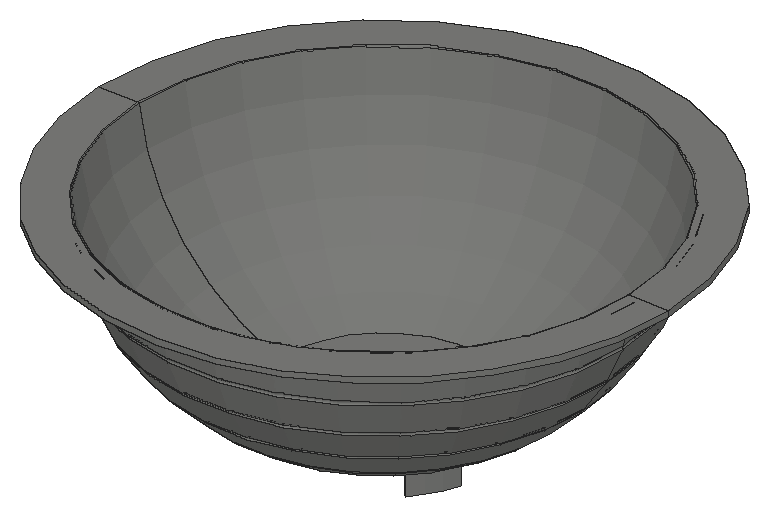
Revit family "Jardinera Esferica", category Furniture, Revit 2020
Family settings
  OmniClass Number = 23.40.20.00
  OmniClass Title = General Furniture and Specialties
  Work Plane-Based = No
  Always vertical = Yes
  Cut with Voids When Loaded = No
  Shared = No
  Room Calculation Point = No
Parameters (values of type "Jardinera Esferica-UM1100M-1300mm")
  URL_Producto = ""
  Referencia = ""
  Material = none
  Jardinera Esferica-UM1100PM-930mm = no
  Jardinera Esferica-UM1100M-1300mm = yes
  H = 0.470 m
  Ficha_Tecnica = ""
  Fabricante = ""
  Default Elevation = 0.000 m
  A = 1.300 m
Types (2, lengths in m): name | Jardinera Esferica-UM1100PM-930mm | Jardinera Esferica-UM1100M-1300mm | H | A
  Jardinera Esferica-UM1100PM-930mm | yes | no | 0.405 | 0.930
  Jardinera Esferica-UM1100M-1300mm | no | yes | 0.470 | 1.300
Reference planes (m)
  plane 1 "Center (Front/Back)": y = 0
  plane 2: z = 0
  plane 3 "Center (Left/Right)": x = 0
Dimensions and locks (m)
  aligned and locked: level to plane 2
Nested families (m)
  nested 1: "Jardinera Esferica-UM1100PM-930mm" at (0, 0, 0), visible <- "Jardinera Esferica-UM1100PM-930mm", type "Jardinera Esferica-UM1100PM-930mm"
  nested 2: "Jardinera Esferica-UM1100M-1300mm" at (0, 0, 0), visible <- "Jardinera Esferica-UM1100M-1300mm", type "Jardinera Esferica-UM1100M-1300mm"
Definition of nested family "Jardinera Esferica-UM1100PM-930mm"
  Parameters (values of type "Jardinera Esferica-UM1100PM-930mm")
    Default Elevation = 0.000 m
  Reference planes (m)
    plane 1 "Center (Front/Back)": y = 0
    plane 2: z = 0
    plane 3 "Center (Left/Right)": x = 0
    plane 4: z = 0.405
    plane 5: z = 0.32625
    plane 6: z = 0.2475
    plane 7: z = 0.16875
    plane 8: z = 0.09
    plane 9: x = -0.465
    plane 10: x = 0.465
  Forms (m)
    Revolve 1, solid
      sketch origin (0, 0, 0) x (1, 0, 0) y (0, 0, 1)
        loop
          line (-0.399716, 0.405) -> (-0.465, 0.405) -> (-0.465, 0.3925) -> (-0.41, 0.3925)
          arc (-0.41, 0.3925) -> (-0.409028, 0.362864) -> (-0.405773, 0.333392) r 0.384199
          arc (-0.405773, 0.333392) -> (-0.401108, 0.326693) -> (-0.403306, 0.318831) r 0.009574
          arc (-0.403306, 0.318831) -> (-0.394629, 0.282661) -> (-0.382495, 0.2475) r 0.384199
          arc (-0.382495, 0.2475) -> (-0.376432, 0.242059) -> (-0.376754, 0.233919) r 0.009574
          arc (-0.376754, 0.233919) -> (-0.361511, 0.203423) -> (-0.343625, 0.174398) r 0.384199
          arc (-0.343625, 0.174398) -> (-0.336545, 0.170382) -> (-0.335114, 0.162369) r 0.009574
          arc (-0.335114, 0.162369) -> (-0.307384, 0.128882) -> (-0.276048, 0.098742) r 0.384199
          arc (-0.276048, 0.098742) -> (-0.268177, 0.096717) -> (-0.264698, 0.08937) r 0.009574
          arc (-0.264698, 0.08937) -> (-0.235378, 0.068262) -> (-0.204205, 0.05) r 0.384199
          line (-0.204205, 0.05) -> (0, 0.05) -> (0, 0.06) -> (-0.201726, 0.06)
          arc (-0.201726, 0.06) -> (-0.350359, 0.204013) -> (-0.399716, 0.405) r 0.374199
        axis (0, 0.405) -> (0, 0.05)
      angle from 0 to 360
    Extrusion 2, solid
      sketch origin (0, 0, 0) x (0, -1, 0) y (1, 0, 0)
        loop
          arc (0.025594, 0.202595) -> (0, 0.204205) -> (-0.025594, 0.202595) r 0.204205
          line (-0.025594, 0.202595) -> (-0.025594, 0.192511)
          arc (-0.025594, 0.192511) -> (0, 0.194205) -> (0.025594, 0.192511) r 0.194205
          line (0.025594, 0.192511) -> (0.025594, 0.202595)
        loop
          arc (0.162656, -0.123462) -> (0.176847, -0.102103) -> (0.188249, -0.079133) r 0.204205
          line (0.188249, -0.079133) -> (0.179517, -0.074091)
          arc (0.179517, -0.074091) -> (0.168187, -0.097103) -> (0.153923, -0.11842) r 0.194205
          line (0.153923, -0.11842) -> (0.162656, -0.123462)
        loop
          arc (-0.188249, -0.079133) -> (-0.176847, -0.102103) -> (-0.162656, -0.123462) r 0.204205
          line (-0.162656, -0.123462) -> (-0.153923, -0.11842)
          arc (-0.153923, -0.11842) -> (-0.168187, -0.097103) -> (-0.179517, -0.074091) r 0.194205
          line (-0.179517, -0.074091) -> (-0.188249, -0.079133)
      from 0 to 0.05
  Dimensions and locks (m)
    plane 4 to level = 0.405 m
    plane 9 to plane 10 = 0.930 m
    aligned and locked: level to plane 2
Definition of nested family "Jardinera Esferica-UM1100M-1300mm"
  Parameters (values of type "Jardinera Esferica-UM1100M-1300mm")
    Default Elevation = 0.000 m
  Reference planes (m)
    plane 1 "Center (Front/Back)": y = 0
    plane 2: z = 0
    plane 3 "Center (Left/Right)": x = 0
    plane 4: z = 0.47
    plane 5: z = 0.35625
    plane 6: z = 0.2775
    plane 7: z = 0.19875
    plane 8: z = 0.12
    plane 9: x = -0.65
    plane 10: x = 0.465
  Forms (m)
    Revolve 1, solid
      sketch origin (0, 0, 0) x (1, 0, 0) y (0, 0, 1)
        loop
          line (-0.25, 0.05) -> (0, 0.05) -> (0, 0.06) -> (-0.241131, 0.06)
          arc (-0.241131, 0.06) -> (-0.457614, 0.21925) -> (-0.558703, 0.46826) r 0.494036
          arc (-0.558703, 0.46826) -> (-0.559342, 0.469502) -> (-0.560646, 0.47) r 0.001955
          line (-0.560646, 0.47) -> (-0.65, 0.47) -> (-0.65, 0.4575) -> (-0.571755, 0.4575)
          arc (-0.571755, 0.4575) -> (-0.570437, 0.457005) -> (-0.569772, 0.455764) r 0.002
          arc (-0.569772, 0.455764) -> (-0.561001, 0.407709) -> (-0.547642, 0.360723) r 0.506536
          arc (-0.547642, 0.360723) -> (-0.543283, 0.356976) -> (-0.544372, 0.351331) r 0.005727
          arc (-0.544372, 0.351331) -> (-0.529146, 0.313746) -> (-0.510962, 0.2775) r 0.506536
          arc (-0.510962, 0.2775) -> (-0.506002, 0.274593) -> (-0.506065, 0.268844) r 0.005727
          arc (-0.506065, 0.268844) -> (-0.483096, 0.232764) -> (-0.457166, 0.19875) r 0.506536
          arc (-0.457166, 0.19875) -> (-0.451753, 0.196823) -> (-0.450736, 0.191169) r 0.005727
          arc (-0.450736, 0.191169) -> (-0.416331, 0.155145) -> (-0.378555, 0.122674) r 0.506536
          arc (-0.378555, 0.122674) -> (-0.376822, 0.121333) -> (-0.375084, 0.12) r 0.506536
          arc (-0.375084, 0.12) -> (-0.36937, 0.119333) -> (-0.367118, 0.11404) r 0.005727
          arc (-0.367118, 0.11404) -> (-0.310678, 0.078145) -> (-0.25, 0.05) r 0.506536
        axis (0, 0.47) -> (0, 0.05)
      angle from 0 to 360
    Extrusion 2, solid
      sketch origin (0, 0, 0) x (0, -1, 0) y (1, 0, 0)
        loop
          line (-0.24442, -0.052523) -> (-0.235342, -0.052523)
          arc (-0.235342, -0.052523) -> (-0.241131, 0) -> (-0.235342, 0.052523) r 0.241131
          line (-0.235342, 0.052523) -> (-0.24442, 0.052523)
          arc (-0.24442, 0.052523) -> (-0.25, 0) -> (-0.24442, -0.052523) r 0.25
        loop
          line (0.167696, -0.185413) -> (0.163157, -0.17755)
          arc (0.163157, -0.17755) -> (0.120566, -0.208826) -> (0.072185, -0.230073) r 0.241131
          line (0.072185, -0.230073) -> (0.076724, -0.237936)
          arc (0.076724, -0.237936) -> (0.125, -0.216506) -> (0.167696, -0.185413) r 0.25
        loop
          line (0.076724, 0.237936) -> (0.072185, 0.230073)
          arc (0.072185, 0.230073) -> (0.120566, 0.208826) -> (0.163157, 0.17755) r 0.241131
          line (0.163157, 0.17755) -> (0.167696, 0.185413)
          arc (0.167696, 0.185413) -> (0.125, 0.216506) -> (0.076724, 0.237936) r 0.25
      from 0 to 0.05
  Dimensions and locks (m)
    plane 4 to level = 0.470 m
    aligned and locked: level to plane 2
